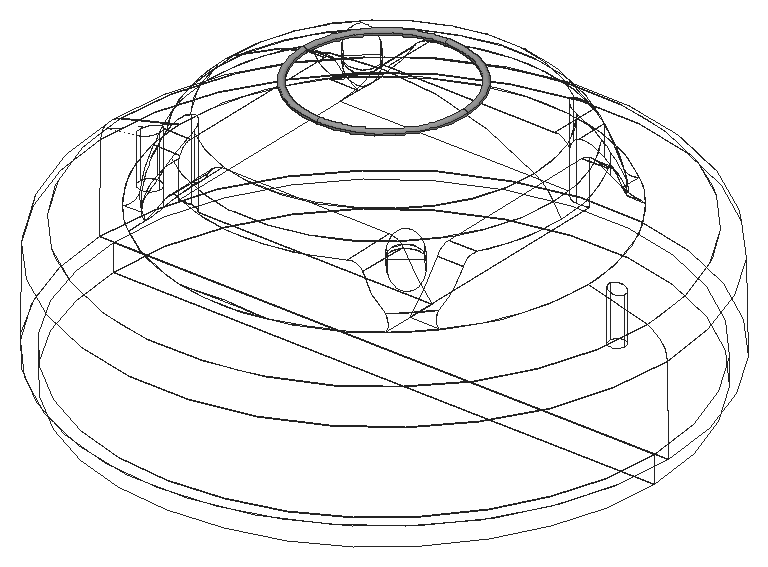
Revit family "Maxlogic dedektör", category Fire Alarm Devices, host Face, Revit 2021
Family settings
  Host = Face
  Maintain Annotation Orientation = Yes
  Round Connector Dimension = Use Diameter
  Part Type = Normal
  OmniClass Number = 23.85.30.21
  OmniClass Title = Environmental Detection/Registration
  Cut with Voids When Loaded = No
  Shared = No
  Room Calculation Point = No
Parameters (values of type "Maxlogic Konvansiyonel Sabit Sıcaklık Dedektörü")
  Weight = "135 gr"
  Weatherproof surface mounting back box = "ML-0121"
  Warranty Duration Unit = "Year"
  Warranty Duration Parts = "2"
  Warranty Duration Labor = "2"
  Version = ""
  URL = "https://www.mavili.com.tr/"
  Recessed mounting base = "ML-0150"
  Public Works Pose Number = "832-102"
  Protection Sign = ""
  Product Code = "ML-2120"
  Phone Number = "(+)90 216 466 45 05"
  Operatonal Voltage (default) = "26 V/DC"
  Operating voltage range = "10-30V/DC"
  Operating temperature = "(-10°C) - (+50°C)"
  Nominal Depth = "51 mm"
  Nominal Width = "106 mm"
  Nominal Height = "106 mm"
  Multi sensör halka = no
  Mounting surface = "Tavana montaj"
  Mounting height = ""
  Model = "Maxlogic"
  Manufacturer = "Mavili Elektronik Ticaret A.Ş."
  Isı halka = yes
  Installation Manual = "https://mavilielektronik.com/Revit/ML21XX_kk.pdf"
  Indicator output = "MG-4000"
  Fax Number = "(+)90 216 466 45 10"
  External supply = ""
  Email = "mavili@mavili.com.tr"
  Disclaimer = ""
  Device Adress Setup = ""
  Description = "Konvansiyonel Sabit Sıcaklık Dedektörü"
  Default Elevation = 0 mm
  Current consumption = ""
  Cost unıt = ""
  Cost = 0
  Compatible sockets 2 = "ML-0141"
  Compatible sockets = "ML-0140"
  Color = "Beyaz"
  Code Performance = "EN 54-5"
  Main Material = "White Plastic PC/ABS"
  Secondary Material = "Plastic"
  Algılama yarı çapı = "4,5 m"
  Address line 1 = "Şerifali Mahallesi Kutup Sokak No:27/1-2-4 Ümraniye TR-34775 İSTANBUL"
Types (11, lengths in mm): name | Weight | Public Works Pose Number | Product Code | Operating voltage range | Multi sensör halka | Isı halka | Installation Manual | Indicator output | Device Adress Setup | Description | Code Performance | Algılama yarı çapı
  (no name) | "135 gr" | "832-102" | "ML-2120" | "10-30V/DC" | no | yes | "https://mavilielektronik.com/Revit/ML21XX_kk.pdf" | "MG-4000" | "" | "Konvansiyonel Sabit Sıcaklık Dedektörü" | "EN 54-5" | "4,5 m"
  Maxlogic Konvansiyonel Optik Duman Dedektörü | "140 gr" | "832-106" | "ML-2110" | "10-30V/DC" | no | no | "https://mavilielektronik.com/Revit/ML21XX_kk.pdf" | "MG-4000" | "" | "Konvansiyonel Optik Duman Dedektörü" | "EN 54-7" | "6,2 m"
  Maxlogic Akıllı Adresli Optik Duman Dedektörü | "100 gr" | "833-500" | "ML-1110" | "18-33V/DC" | no | no | "https://mavilielektronik.com/Revit/ML11XX_kk.pdf" | "MG-4000.A" | "El tipi adresleme cihazı" | "Akıllı Adresli Optik Duman Dedektörü" | "EN 54-7" | "6,2 m"
  Maxlogic Akıllı Adresli Optik Duman Dedektörü , Kısa Devre İzolatörlü | "100 gr" | "833-501" | "ML-1110.SCI" | "18-33V/DC" | no | no | "https://mavilielektronik.com/Revit/ML11XX_kk.pdf" | "MG-4000.A" | "El tipi adresleme cihazı" | "Akıllı Adresli Optik Duman Dedektörü , Kısa Devre İzolatörlü" | "EN 54-7 / EN 54-17" | "6,2 m"
  Maxlogic Konvansiyonel Sabit Sıcaklık Dedektörü | "135 gr" | "832-102" | "ML-2120" | "10-30V/DC" | no | yes | "https://mavilielektronik.com/Revit/ML21XX_kk.pdf" | "MG-4000" | "" | "Konvansiyonel Sabit Sıcaklık Dedektörü" | "EN 54-5" | "4,5 m"
  Konvansiyonel  Kombine Sıcaklık Dedektörü | "135 gr" | "832-103" | "ML-2130" | "10-30V/DC" | no | yes | "https://mavilielektronik.com/Revit/ML21XX_kk.pdf" | "MG-4000" | "" | "Konvansiyonel  Kombine Sıcaklık Dedektörü" | "EN 54-5" | "4,5 m"
  Maxlogic Akıllı Adresli Sıcaklık Dedektörü | "95 gr" | "833-520" | "ML-1130" | "18-33V/DC" | no | yes | "https://mavilielektronik.com/Revit/ML11XX_kk.pdf" | "MG-4000.A" | "El tipi adresleme cihazı" | "Akıllı Adresli Sıcaklık Dedektörü" | "EN 54-5" | "4,5 m"
  Maxlogic Akıllı Adresli Sıcaklık Dedektörü , Kısadevre İzolatörlü | "95 gr" | "833-521" | "ML-1130.SCI" | "18-33V/DC" | no | yes | "https://mavilielektronik.com/Revit/ML11XX_kk.pdf" | "MG-4000.A" | "El tipi adresleme cihazı" | "Akıllı Adresli Sıcaklık Dedektörü" | "EN 54-5 / EN 54-17" | "4,5 m"
  Konvansiyonel Multisensör (Optik Duman+Sıcaklık) Dedektörü | "141 gr" | "832-109" | "ML-2140" | "10-30V/DC" | yes | yes | "https://mavilielektronik.com/Revit/ML21XX_kk.pdf" | "MG-4000" | "" | "Konvansiyonel Multisensör (Optik Duman+Sıcaklık) Dedektörü" | "EN 54-5 / EN 54-7" | "4,5 m"
  Maxlogic Akıllı Adresli Multisensör (Optik Duman+Sıcaklık)  Dedektörü | "100 gr" | "833-530" | "ML-1140" | "18-33V/DC" | yes | yes | "https://mavilielektronik.com/Revit/ML11XX_kk.pdf" | "MG-4000.A" | "El tipi adresleme cihazı" | "Akıllı Adresli Multisensör (Optik Duman+Sıcaklık)  Dedektörü" | "EN 54-5 / EN 54-7 / EN 54-17" | "4,5 m"
  Maxlogic Akıllı Adresli Multisensör(Optik Duman+Sıcaklık)  Dedektörü , Kısadevre İzolatörlü | "100 gr" | "833-531" | "ML-1140.SCI" | "18-33V/DC" | yes | yes | "https://mavilielektronik.com/Revit/ML11XX_kk.pdf" | "MG-4000.A" | "El tipi adresleme cihazı" | "Akıllı Adresli Multisensör(Optik Duman+Sıcaklık)  Dedektörü , Kısadevre İzolatörlü" | "EN 54-5 / EN 54-7 / EN 54-17" | "4,5 m"
Reference planes
  plane 1 "Center (Front/Back)": y = 0
  plane 2: z = 0
  plane 3 "Center (Left/Right)": x = 0
Forms (mm)
  Revolve 1, solid, material "Mavili beyaz"
    sketch origin (0, 0, 0) x (1, 0, 0) y (0, 0, 1)
      loop
        line (-52.919, 5) -> (0, 5) -> (0, 51.518)
        arc (0, 51.518) -> (-14.553, 49.716) -> (-28.057, 44) r 53.06
        arc (-28.057, 44) -> (-30.023, 42.467) -> (-31.557, 40.5) r 10.149
        arc (-31.557, 40.5) -> (-33.994, 35.835) -> (-35.524, 30.799) r 28.268
        arc (-35.524, 30.799) -> (-36.595, 29.67) -> (-38, 29) r 4.27
        line (-38, 29) -> (-48.929, 26.072)
        arc (-48.929, 26.072) -> (-51.575, 24.32) -> (-52.634, 21.329) r 5
        line (-52.634, 21.329) -> (-52.919, 5)
      axis (0, 5) -> (0, 51.518)
    angle from 0 to 360
  Revolve 2, solid, material "Mavili beyaz"
    sketch origin (-150, 0, 0) x (1, 0, 0) y (0, 0, 1)
      loop
        line (99.626, 5) -> (99.626, 0) -> (149.926, 0) -> (149.926, 5) -> (99.626, 5)
      axis (149.926, 0) -> (149.926, 5)
    angle from 0 to 360
  Extrusion 3, void
    sketch origin (-0.604, 5.6, 0) x (0, -1, 0) y (0, 0, 1)
      loop
        spline (-12.932, 36.606) -> (-13.32, 35.909) -> (-13.72, 35.223) -> (-14.132, 34.547) -> (-14.556, 33.882) -> (-14.992, 33.229) -> (-15.439, 32.588) -> (-15.897, 31.958) -> (-16.366, 31.341) -> (-16.847, 30.737) -> (-17.338, 30.145) -> (-17.839, 29.566) -> (-18.351, 29)
        line (-18.351, 29) -> (29.551, 29)
        spline (29.551, 29) -> (28.951, 29.556) -> (28.363, 30.124) -> (27.786, 30.704) -> (27.219, 31.297) -> (26.664, 31.901) -> (26.121, 32.516) -> (25.589, 33.143) -> (25.07, 33.781) -> (24.562, 34.43) -> (24.067, 35.09) -> (23.585, 35.759) -> (23.115, 36.439)
        spline (23.115, 36.439) -> (22.965, 36.668) -> (22.796, 36.886) -> (22.611, 37.091) -> (22.411, 37.28) -> (22.199, 37.451) -> (21.978, 37.602) -> (21.751, 37.73) -> (21.521, 37.835) -> (21.289, 37.914) -> (21.06, 37.967) -> (20.837, 37.993) -> (20.618, 38)
        line (20.618, 38) -> (-10.439, 37.994)
        spline (-10.439, 37.994) -> (-10.678, 37.983) -> (-10.918, 37.951) -> (-11.159, 37.897) -> (-11.397, 37.822) -> (-11.63, 37.727) -> (-11.856, 37.613) -> (-12.072, 37.481) -> (-12.276, 37.332) -> (-12.466, 37.169) -> (-12.64, 36.992) -> (-12.796, 36.804) -> (-12.932, 36.606)
    from 23.347 to 38.235
  Extrusion 4, void
    sketch origin (5.6, -13.629, 0) x (-1, 0, 0) y (0, 0, -1)
      loop
        spline (-12.932, -36.606) -> (-12.796, -36.804) -> (-12.64, -36.992) -> (-12.466, -37.169) -> (-12.276, -37.332) -> (-12.072, -37.481) -> (-11.856, -37.613) -> (-11.63, -37.727) -> (-11.397, -37.822) -> (-11.159, -37.897) -> (-10.918, -37.951) -> (-10.678, -37.983) -> (-10.439, -37.994)
        line (-10.439, -37.994) -> (20.618, -38)
        spline (20.618, -38) -> (20.837, -37.993) -> (21.06, -37.967) -> (21.289, -37.914) -> (21.521, -37.835) -> (21.751, -37.73) -> (21.978, -37.602) -> (22.199, -37.451) -> (22.411, -37.28) -> (22.611, -37.091) -> (22.796, -36.886) -> (22.965, -36.668) -> (23.115, -36.439)
        spline (23.115, -36.439) -> (23.585, -35.759) -> (24.067, -35.09) -> (24.562, -34.43) -> (25.07, -33.781) -> (25.589, -33.143) -> (26.121, -32.516) -> (26.664, -31.901) -> (27.219, -31.297) -> (27.786, -30.704) -> (28.363, -30.124) -> (28.951, -29.556) -> (29.551, -29)
        line (29.551, -29) -> (-18.351, -29)
        spline (-18.351, -29) -> (-17.839, -29.566) -> (-17.338, -30.145) -> (-16.847, -30.737) -> (-16.366, -31.341) -> (-15.897, -31.958) -> (-15.439, -32.588) -> (-14.992, -33.229) -> (-14.556, -33.882) -> (-14.132, -34.547) -> (-13.72, -35.223) -> (-13.32, -35.909) -> (-12.932, -36.606)
    from 5.109 to 23.424
  Extrusion 5, void
    sketch origin (5.6, 59.203, 0) x (-1, 0, 0) y (0, 0, 1)
      loop
        spline (-12.932, 36.606) -> (-13.32, 35.909) -> (-13.72, 35.223) -> (-14.132, 34.547) -> (-14.556, 33.882) -> (-14.992, 33.229) -> (-15.439, 32.588) -> (-15.897, 31.958) -> (-16.366, 31.341) -> (-16.847, 30.737) -> (-17.338, 30.145) -> (-17.839, 29.566) -> (-18.351, 29)
        line (-18.351, 29) -> (29.551, 29)
        spline (29.551, 29) -> (28.951, 29.556) -> (28.363, 30.124) -> (27.786, 30.704) -> (27.219, 31.297) -> (26.664, 31.901) -> (26.121, 32.516) -> (25.589, 33.143) -> (25.07, 33.781) -> (24.562, 34.43) -> (24.067, 35.09) -> (23.585, 35.759) -> (23.115, 36.439)
        spline (23.115, 36.439) -> (22.965, 36.668) -> (22.796, 36.886) -> (22.611, 37.091) -> (22.411, 37.28) -> (22.199, 37.451) -> (21.978, 37.602) -> (21.751, 37.73) -> (21.521, 37.835) -> (21.289, 37.914) -> (21.06, 37.967) -> (20.837, 37.993) -> (20.618, 38)
        line (20.618, 38) -> (-10.439, 37.994)
        spline (-10.439, 37.994) -> (-10.678, 37.983) -> (-10.918, 37.951) -> (-11.159, 37.897) -> (-11.397, 37.822) -> (-11.63, 37.727) -> (-11.856, 37.613) -> (-12.072, 37.481) -> (-12.276, 37.332) -> (-12.466, 37.169) -> (-12.64, 36.992) -> (-12.796, 36.804) -> (-12.932, 36.606)
    from -39.5 to -20.535
  Extrusion 6, void
    sketch origin (39.396, 5.6, 0) x (0, -1, 0) y (0, 0, 1)
      loop
        spline (-12.932, 36.606) -> (-13.32, 35.909) -> (-13.72, 35.223) -> (-14.132, 34.547) -> (-14.556, 33.882) -> (-14.992, 33.229) -> (-15.439, 32.588) -> (-15.897, 31.958) -> (-16.366, 31.341) -> (-16.847, 30.737) -> (-17.338, 30.145) -> (-17.839, 29.566) -> (-18.351, 29)
        line (-18.351, 29) -> (29.551, 29)
        spline (29.551, 29) -> (28.951, 29.556) -> (28.363, 30.124) -> (27.786, 30.704) -> (27.219, 31.297) -> (26.664, 31.901) -> (26.121, 32.516) -> (25.589, 33.143) -> (25.07, 33.781) -> (24.562, 34.43) -> (24.067, 35.09) -> (23.585, 35.759) -> (23.115, 36.439)
        spline (23.115, 36.439) -> (22.965, 36.668) -> (22.796, 36.886) -> (22.611, 37.091) -> (22.411, 37.28) -> (22.199, 37.451) -> (21.978, 37.602) -> (21.751, 37.73) -> (21.521, 37.835) -> (21.289, 37.914) -> (21.06, 37.967) -> (20.837, 37.993) -> (20.618, 38)
        line (20.618, 38) -> (-10.439, 37.994)
        spline (-10.439, 37.994) -> (-10.678, 37.983) -> (-10.918, 37.951) -> (-11.159, 37.897) -> (-11.397, 37.822) -> (-11.63, 37.727) -> (-11.856, 37.613) -> (-12.072, 37.481) -> (-12.276, 37.332) -> (-12.466, 37.169) -> (-12.64, 36.992) -> (-12.796, 36.804) -> (-12.932, 36.606)
    from 0.766 to 15.446
  Extrusion 7, void
    sketch origin (1.322, 1.416, 4) x (0.087156, -0.996195, 0) y (-0.996195, -0.087156, 0)
      loop
        spline (16.87, 24.595) -> (16.963, 24.272) -> (17.107, 23.921) -> (17.305, 23.553) -> (17.56, 23.185) -> (17.87, 22.83) -> (18.224, 22.508) -> (18.612, 22.228) -> (19.022, 21.999) -> (19.436, 21.825) -> (19.839, 21.707) -> (20.213, 21.639) -> (20.55, 21.615)
        arc (20.55, 21.615) -> (22.96, 22.422) -> (24.65, 24.318) r 4.946
        spline (24.65, 24.318) -> (24.838, 24.591) -> (24.975, 24.904) -> (25.062, 25.252) -> (25.095, 25.63) -> (25.076, 26.032) -> (25.004, 26.452) -> (24.88, 26.884) -> (24.706, 27.321) -> (24.484, 27.757) -> (24.219, 28.185) -> (23.914, 28.599) -> (23.573, 28.992)
        spline (23.573, 28.992) -> (23.149, 29.264) -> (22.709, 29.497) -> (22.26, 29.69) -> (21.807, 29.839) -> (21.358, 29.942) -> (20.919, 29.998) -> (20.495, 30.005) -> (20.094, 29.964) -> (19.72, 29.875) -> (19.379, 29.74) -> (19.075, 29.561) -> (18.814, 29.339)
        arc (18.814, 29.339) -> (17.158, 27.248) -> (16.87, 24.595) r 4.815
    from -52.091 to -25
  Extrusion 8, void
    sketch origin (-1.322, -1.416, 4) x (-0.087156, 0.996195, 0) y (0.996195, 0.087156, 0)
      loop
        spline (16.87, 24.595) -> (16.963, 24.272) -> (17.107, 23.921) -> (17.305, 23.553) -> (17.56, 23.185) -> (17.87, 22.83) -> (18.224, 22.508) -> (18.612, 22.228) -> (19.022, 21.999) -> (19.436, 21.825) -> (19.839, 21.707) -> (20.213, 21.639) -> (20.55, 21.615)
        arc (20.55, 21.615) -> (22.96, 22.422) -> (24.65, 24.318) r 4.946
        spline (24.65, 24.318) -> (24.838, 24.591) -> (24.975, 24.904) -> (25.062, 25.252) -> (25.095, 25.63) -> (25.076, 26.032) -> (25.004, 26.452) -> (24.88, 26.884) -> (24.706, 27.321) -> (24.484, 27.757) -> (24.219, 28.185) -> (23.914, 28.599) -> (23.573, 28.992)
        spline (23.573, 28.992) -> (23.149, 29.264) -> (22.709, 29.497) -> (22.26, 29.69) -> (21.807, 29.839) -> (21.358, 29.942) -> (20.919, 29.998) -> (20.495, 30.005) -> (20.094, 29.964) -> (19.72, 29.875) -> (19.379, 29.74) -> (19.075, 29.561) -> (18.814, 29.339)
        arc (18.814, 29.339) -> (17.158, 27.248) -> (16.87, 24.595) r 4.815
    from -52.091 to -25
  Revolve 9, solid, material "Glass"
    sketch origin (0.301, -0.834, 36.83) x (0.996195, 0.087156, 0) y (-0.087156, 0.996195, 0)
      loop
        spline (-18.665, 27.53) -> (-19.251, 27.95) -> (-19.899, 28.27) -> (-20.595, 28.463) -> (-21.318, 28.496) -> (-22.023, 28.338) -> (-22.649, 27.979) -> (-23.134, 27.443) -> (-23.439, 26.785) -> (-23.559, 26.071) -> (-23.516, 25.347) -> (-23.339, 24.648) -> (-23.047, 23.981)
        spline (-23.047, 23.981) -> (-22.978, 23.855) -> (-22.905, 23.731) -> (-22.829, 23.609) -> (-22.75, 23.49) -> (-22.667, 23.372) -> (-22.58, 23.258) -> (-22.491, 23.145) -> (-22.398, 23.036) -> (-22.303, 22.929) -> (-22.204, 22.824) -> (-22.103, 22.722) -> (-21.998, 22.624)
        line (-21.998, 22.624) -> (-17.511, 26.168)
        spline (-17.511, 26.168) -> (-17.589, 26.296) -> (-17.67, 26.421) -> (-17.755, 26.544) -> (-17.843, 26.665) -> (-17.935, 26.783) -> (-18.03, 26.898) -> (-18.128, 27.01) -> (-18.229, 27.12) -> (-18.334, 27.227) -> (-18.441, 27.331) -> (-18.552, 27.432) -> (-18.665, 27.53)
      axis (-21.998, 22.624) -> (-17.511, 26.168)
    angle from 172.048 to -180
  Revolve 10, solid, material "Glass"
    sketch origin (-0.301, 0.834, 36.83) x (-0.996195, -0.087156, 0) y (0.087156, -0.996195, 0)
      loop
        spline (-18.665, 27.53) -> (-19.251, 27.95) -> (-19.899, 28.27) -> (-20.595, 28.463) -> (-21.318, 28.496) -> (-22.023, 28.338) -> (-22.649, 27.979) -> (-23.134, 27.443) -> (-23.439, 26.785) -> (-23.559, 26.071) -> (-23.516, 25.347) -> (-23.339, 24.648) -> (-23.047, 23.981)
        spline (-23.047, 23.981) -> (-22.978, 23.855) -> (-22.905, 23.731) -> (-22.829, 23.609) -> (-22.75, 23.49) -> (-22.667, 23.372) -> (-22.58, 23.258) -> (-22.491, 23.145) -> (-22.398, 23.036) -> (-22.303, 22.929) -> (-22.204, 22.824) -> (-22.103, 22.722) -> (-21.998, 22.624)
        line (-21.998, 22.624) -> (-17.511, 26.168)
        spline (-17.511, 26.168) -> (-17.589, 26.296) -> (-17.67, 26.421) -> (-17.755, 26.544) -> (-17.843, 26.665) -> (-17.935, 26.783) -> (-18.03, 26.898) -> (-18.128, 27.01) -> (-18.229, 27.12) -> (-18.334, 27.227) -> (-18.441, 27.331) -> (-18.552, 27.432) -> (-18.665, 27.53)
      axis (-21.998, 22.624) -> (-17.511, 26.168)
    angle from 172.048 to -180
  Sweep 11, solid, material "Mavili siyah.1", visible <- "Isı halka"
    path origin (0, 0, 49.5) x (0, 1, 0) y (-1, 0, 0)
      loop
        arc (14.84, 0.029) -> (10.47, 10.578) -> (-0.079, 14.948) r 14.919
        arc (-0.079, 14.948) -> (-10.638, 10.574) -> (-15.012, 0.015) r 14.932
        arc (-15.012, 0.015) -> (-10.638, -10.543) -> (-0.079, -14.917) r 14.932
        arc (-0.079, -14.917) -> (10.479, -10.538) -> (14.84, 0.029) r 14.919
    profile origin (10.538, 10.479, 49.5) x (0.706483, 0.70773, 0) y (0, 0, 1)
      loop
        circle (0, 0) r 0.5
  Sweep 12, solid, material "Mavili siyah.1", visible <- "Multi sensör halka"
    path origin (0, 0, 48.025) x (0, 1, 0) y (-1, 0, 0)
      loop
        arc (19.793, 0.005) -> (13.97, 14.063) -> (-0.088, 19.886) r 19.881
        arc (-0.088, 19.886) -> (-14.145, 14.063) -> (-19.968, 0.006) r 19.88
        arc (-19.968, 0.006) -> (-14.143, -14.057) -> (-0.079, -19.882) r 19.889
        arc (-0.079, -19.882) -> (13.978, -14.057) -> (19.793, 0.005) r 19.872
    profile origin (14.057, 13.978, 48.025) x (0.706832, 0.707382, 0) y (0, 0, 1)
      loop
        circle (0, 0) r 0.5
  Extrusion 13, void
    sketch origin (0, 0, 29) x (0, 1, 0) y (-1, 0, 0)
      loop
        circle (-2.981, 41.129) r 2
      loop
        circle (2.823, -41.129) r 1.5
    from 0 to -10
Cuts and joins
  Extrusion 3, Extrusion 4, Extrusion 5, Extrusion 6, Extrusion 7, Extrusion 8, Extrusion 13 cuts Revolve 1
Dimensions and locks
  radius of Sweep 11 sketch curve = 0.5 mm
  aligned and locked: plane 2 to host face
  aligned and locked: level to host face
